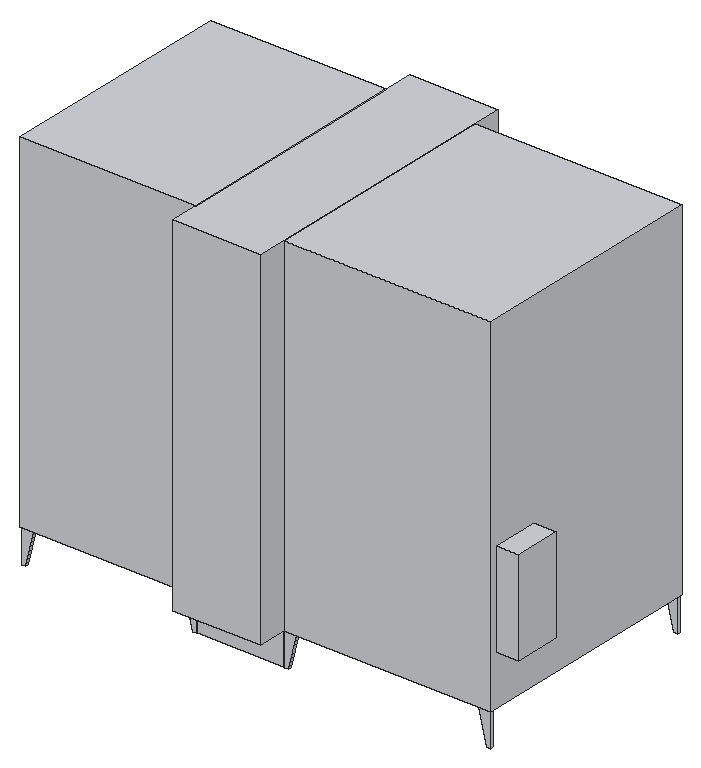
Revit family "AHU 6 _6", category Mechanické zařízení, Revit 2018
Family settings
  Kóta kulaté spojky = Použít průměr
  Typ dílu = Normální
  Číslo OmniClass = 23.75.00.00
  Nadpis OmniClass = Climate Control (HVAC)
  Založené na pracovní rovině = Ne
  Vždy vertikální = Ano
  Ořezat dutým tvarem při načtení = Ne
  Sdílené = Ne
  Bod výpočtu místnosti = Ne
Parameters (values of type "DUPLEXVENT 12000 Rotary")
  Width [instance] = 1.78 mm
  Weight [instance] = 1210.00 kg
  URL = ""
  Type [instance] = "DUPLEXVENT 12000 Rotary"
  Total_SFP [instance] = 0
  Supply_outlet_hum [instance] = 90
  Supply_inlet_hum [instance] = 90
  Supply_ext_pressure [instance] = 0.0 Pa
  Supply_SFP [instance] = 0
  Source_adu_file [instance] = ""
  Recuperation_type [instance] = "Rotation regeneration exchanger"
  Recuperation_efficiency_EN308 [instance] = 0
  Project_name [instance] = ""
  Project_date [instance] = "10.8.2023"
  Power_supply_fusing [instance] = "0"
  Power_supply_cable [instance] = "0"
  Position [instance] = "AHU 6 "
  Phases_count [instance] = 3
  Panel_thickness [instance] = 0.06 mm
  Outer_surface [instance] = "RAL 9002"
  Length [instance] = 2.83 mm
  Insulation_type [instance] = "PUR"
  Insulation_thickness [instance] = 0.05 mm
  Installation_environment [instance] = ""
  Input_power_max [instance] = 10800 W
  Inner_surface [instance] = "Pozink"
  I2 [instance] = I1  # 0.0 L/s
  Height [instance] = 2.1 mm
  Exhaust_outlet_hum [instance] = 40
  Exhaust_inlet_hum [instance] = 40
  Exhaust_ext_pressure [instance] = 0.0 Pa
  Exhaust_SFP [instance] = 0
  E1 [instance] = E2 - M1  # 0.0 L/s
  E2 [instance] = 0.0 L/s
  I1 [instance] = 0.0 L/s
  Description = ""
  M1 [instance] = 0.0 L/s
  Device_dutypoint_version [instance] = "0"
  Device_design_version [instance] = "9"
  Device_adu_id [instance] = "6"
  Current_max [instance] = 17.2 A
  Casing_mat [instance] = "painted zinc layer"
  Cable type [instance] = "CYKY 5Jx4"
Reference planes
  plane 1 "Střed (vpředu/vzadu)": y = 0
  plane 2 "ref": z = 0
  plane 3 "Střed (vlevo/vpravo)": x = 0
Forms (mm)
  Sweep 1, solid
    path origin (0, 0, 0) x (0, 0, 1) y (1, 0, 0)
      loop
        line (0, 0) -> (2100, 0)
    profile origin (0, 0, 0) x (1, 0, 0) y (0, 1, 0)
      loop
        line (0, 0) -> (1055, 0) -> (1055, 1430) -> (0, 1430) -> (0, 0)
  Sweep 2, solid
    path origin (0, 0, 0) x (0, 0, 1) y (1, 0, 0)
      loop
        line (0, 0) -> (2100, 0)
    profile origin (0, 0, 0) x (1, 0, 0) y (0, 1, 0)
      loop
        line (1055, -175) -> (1585, -175) -> (1585, 1605) -> (1055, 1605) -> (1055, -175)
  Sweep 3, solid
    path origin (0, 0, 0) x (0, 0, 1) y (1, 0, 0)
      loop
        line (0, 0) -> (2100, 0)
    profile origin (0, 0, 0) x (1, 0, 0) y (0, 1, 0)
      loop
        line (1585, 0) -> (2830, 0) -> (2830, 1430) -> (1585, 1430) -> (1585, 0)
  Sweep 4, solid
    path origin (1, 860, 1650) x (0, 1, 0) y (-1, 0, 0)
      loop
        line (0, 0) -> (0, 1)
    profile origin (1, 860, 1650) x (0, -1, 0) y (0, 0, 1)
      loop
        line (-355, -355) -> (355, -355) -> (355, 355) -> (-355, 355) -> (-355, -355)
  Sweep 5, solid
    path origin (2829, 715, 1555) x (1, 0, 0) y (0, 1, 0)
      loop
        line (0, 0) -> (1, 0)
    profile origin (2829, 715, 1555) x (0, 1, 0) y (0, 0, 1)
      loop
        line (-500, 450) -> (-500, -450) -> (500, -450) -> (500, 450) -> (-500, 450)
  Sweep 6, solid
    path origin (2829, 860, 450) x (1, 0, 0) y (0, 1, 0)
      loop
        line (0, 0) -> (1, 0)
    profile origin (2829, 860, 450) x (0, 1, 0) y (0, 0, 1)
      loop
        line (-355, 355) -> (-355, -355) -> (355, -355) -> (355, 355) -> (-355, 355)
  Sweep 7, solid
    path origin (1, 715, 545) x (0, 1, 0) y (-1, 0, 0)
      loop
        line (0, 0) -> (0, 1)
    profile origin (1, 715, 545) x (0, -1, 0) y (0, 0, 1)
      loop
        line (-500, -450) -> (500, -450) -> (500, 450) -> (-500, 450) -> (-500, -450)
  Sweep 8, solid
    path origin (17, 20, 0) x (1, 0, 0) y (0, 1, 0)
      loop
        line (0, 0) -> (0, -15)
    profile origin (17, 20, 0) x (1, 0, 0) y (0, 0, 1)
      loop
        line (-11, 0) -> (-11, -200) -> (11, -200) -> (60, 0) -> (-11, 0)
  Sweep 9, solid
    path origin (1044, 20, 0) x (1, 0, 0) y (0, 1, 0)
      loop
        line (0, 0) -> (0, -15)
    profile origin (1044, 20, 0) x (1, 0, 0) y (0, 0, 1)
      loop
        line (-60, 0) -> (-11, -200) -> (11, -200) -> (11, 0) -> (-60, 0)
  Sweep 10, solid
    path origin (17, 1425, 0) x (1, 0, 0) y (0, 1, 0)
      loop
        line (0, 0) -> (0, -15)
    profile origin (17, 1425, 0) x (1, 0, 0) y (0, 0, 1)
      loop
        line (-11, 0) -> (-11, -200) -> (11, -200) -> (60, 0) -> (-11, 0)
  Sweep 11, solid
    path origin (1044, 1425, 0) x (1, 0, 0) y (0, 1, 0)
      loop
        line (0, 0) -> (0, -15)
    profile origin (1044, 1425, 0) x (1, 0, 0) y (0, 0, 1)
      loop
        line (-60, 0) -> (-11, -200) -> (11, -200) -> (11, 0) -> (-60, 0)
  Sweep 12, solid
    path origin (1320, 66, 0) x (1, 0, 0) y (0, 1, 0)
      loop
        line (0, 0) -> (0, -58)
    profile origin (1320, 66, 0) x (1, 0, 0) y (0, 0, 1)
      loop
        line (-256, 0) -> (-256, -200) -> (256, -200) -> (256, 0) -> (-256, 0)
  Sweep 13, solid
    path origin (1320, 1423, 0) x (1, 0, 0) y (0, 1, 0)
      loop
        line (0, 0) -> (0, -58)
    profile origin (1320, 1423, 0) x (1, 0, 0) y (0, 0, 1)
      loop
        line (-256, 0) -> (-256, -200) -> (256, -200) -> (256, 0) -> (-256, 0)
  Sweep 14, solid
    path origin (1597, 20, 0) x (1, 0, 0) y (0, 1, 0)
      loop
        line (0, 0) -> (0, -15)
    profile origin (1597, 20, 0) x (1, 0, 0) y (0, 0, 1)
      loop
        line (-11, 0) -> (-11, -200) -> (11, -200) -> (60, 0) -> (-11, 0)
  Sweep 15, solid
    path origin (2813, 20, 0) x (1, 0, 0) y (0, 1, 0)
      loop
        line (0, 0) -> (0, -15)
    profile origin (2813, 20, 0) x (1, 0, 0) y (0, 0, 1)
      loop
        line (-60, 0) -> (-11, -200) -> (11, -200) -> (11, 0) -> (-60, 0)
  Sweep 16, solid
    path origin (1597, 1425, 0) x (1, 0, 0) y (0, 1, 0)
      loop
        line (0, 0) -> (0, -15)
    profile origin (1597, 1425, 0) x (1, 0, 0) y (0, 0, 1)
      loop
        line (-11, 0) -> (-11, -200) -> (11, -200) -> (60, 0) -> (-11, 0)
  Sweep 17, solid
    path origin (2813, 1425, 0) x (1, 0, 0) y (0, 1, 0)
      loop
        line (0, 0) -> (0, -15)
    profile origin (2813, 1425, 0) x (1, 0, 0) y (0, 0, 1)
      loop
        line (-60, 0) -> (-11, -200) -> (11, -200) -> (11, 0) -> (-60, 0)
  Sweep 18, solid
    path origin (0, 0, 310) x (0, 0, 1) y (1, 0, 0)
      loop
        line (0, 0) -> (570, 0)
    profile origin (0, 0, 310) x (1, 0, 0) y (0, 1, 0)
      loop
        line (2830, 35) -> (2970, 35) -> (2970, 310) -> (2830, 310) -> (2830, 35)
  Sweep 19, solid
    path origin (2900, 172, 310) x (0, -1, 0) y (0, 0, 1)
      loop
        line (0, 0) -> (0, -1)
    profile origin (2900, 172, 310) x (-1, 0, 0) y (0, -1, 0)
      loop
        circle (0, 0) r 10
Lines and regions (mm)
  model lines, style "Symbol"
    curve 1: line (1320, -175, 0) -> (1320, -175, 420)
    curve 2: line (1320, -175, 2100) -> (1320, -175, 1680)
    curve 3: line (1055, -175, 1050) -> (1585, -175, 1050)
    curve 4: line (0, 0, 1050) -> (1055, 0, 1050)
    curve 5: line (2830, 0, 1050) -> (1585, 0, 1050)
    curve 6: line (1108, -175, 105) -> (1108, -175, 1995)
    curve 7: line (1108, -175, 1995) -> (1532, -175, 1995)
    curve 8: line (1532, -175, 1995) -> (1532, -175, 105)
    curve 9: line (1532, -175, 105) -> (1108, -175, 105)
    curve 10: line (1108, -175, 1050) -> (1532, -175, 1050)
    curve 11: line (1484, -175, 854) -> (1467, -175, 672)
    curve 12: line (1467, -175, 672) -> (1440, -175, 515)
    curve 13: line (1440, -175, 515) -> (1405, -175, 395)
    curve 14: line (1405, -175, 395) -> (1364, -175, 320)
    curve 15: line (1364, -175, 320) -> (1320, -175, 294)
    curve 16: line (1320, -175, 294) -> (1276, -175, 320)
    curve 17: line (1276, -175, 320) -> (1235, -175, 395)
    curve 18: line (1235, -175, 395) -> (1200, -175, 515)
    curve 19: line (1200, -175, 515) -> (1173, -175, 672)
    curve 20: line (1173, -175, 672) -> (1156, -175, 854)
    curve 21: line (1156, -175, 854) -> (1150, -175, 1050)
    curve 22: line (1150, -175, 1050) -> (1156, -175, 1246)
    curve 23: line (1156, -175, 1246) -> (1173, -175, 1428)
    curve 24: line (1173, -175, 1428) -> (1200, -175, 1585)
    curve 25: line (1200, -175, 1585) -> (1235, -175, 1705)
    curve 26: line (1235, -175, 1705) -> (1276, -175, 1780)
    curve 27: line (1276, -175, 1780) -> (1320, -175, 1806)
    curve 28: line (1320, -175, 1806) -> (1364, -175, 1780)
    curve 29: line (1364, -175, 1780) -> (1405, -175, 1705)
    curve 30: line (1405, -175, 1705) -> (1440, -175, 1585)
    curve 31: line (1440, -175, 1585) -> (1467, -175, 1428)
    curve 32: line (1467, -175, 1428) -> (1484, -175, 1246)
    curve 33: line (1484, -175, 1246) -> (1424, -175, 1454)
    curve 34: line (1484, -175, 1246) -> (1492, -175, 1472)
    curve 35: line (2368, 0, 1725) -> (2704, 0, 1667)
    curve 36: line (2368, 0, 1425) -> (2704, 0, 1483)
    curve 37: line (462, 0, 375) -> (126, 0, 433)
    curve 38: line (462, 0, 675) -> (126, 0, 617)
    curve 39: line (340, 0, 1260) -> (340, 0, 1890)
    curve 40: line (340, 0, 1890) -> (509, 0, 1890)
    curve 41: line (509, 0, 1890) -> (509, 0, 1260)
    curve 42: line (509, 0, 1260) -> (340, 0, 1260)
    curve 43: line (424, 0, 1260) -> (509, 0, 1575)
    curve 44: line (424, 0, 1890) -> (509, 0, 1575)
    curve 45: line (2490, 0, 840) -> (2490, 0, 210)
    curve 46: line (2490, 0, 210) -> (2321, 0, 210)
    curve 47: line (2321, 0, 210) -> (2321, 0, 840)
    curve 48: line (2321, 0, 840) -> (2490, 0, 840)
    curve 49: line (2405, 0, 840) -> (2321, 0, 525)
    curve 50: line (2405, 0, 210) -> (2321, 0, 525)
    curve 51: line (0, -1975, 0) -> (0, -175, 0)
    curve 52: line (2830, -1975, 0) -> (2830, -175, 0)
    curve 53: line (0, -1975, 0) -> (2830, -1975, 0)
    curve 54: line (0, -1975, 2100) -> (0, -175, 2100)
    curve 55: line (2830, -1975, 2100) -> (2830, -175, 2100)
    curve 56: line (0, -1975, 2100) -> (2830, -1975, 2100)
    curve 57: line (0, -1975, 0) -> (0, -1975, 2100)
    curve 58: line (2830, -1975, 0) -> (2830, -1975, 2100)
    curve 59: line (0, -1975, 1900) -> (200, -1975, 2100)
    curve 60: line (0, -1975, 1700) -> (400, -1975, 2100)
    curve 61: line (0, -1975, 1500) -> (600, -1975, 2100)
    curve 62: line (0, -1975, 1300) -> (800, -1975, 2100)
    curve 63: line (0, -1975, 1100) -> (1000, -1975, 2100)
    curve 64: line (0, -1975, 900) -> (1200, -1975, 2100)
    curve 65: line (0, -1975, 700) -> (1400, -1975, 2100)
    curve 66: line (0, -1975, 500) -> (1600, -1975, 2100)
    curve 67: line (0, -1975, 300) -> (1800, -1975, 2100)
    curve 68: line (0, -1975, 100) -> (2000, -1975, 2100)
    curve 69: line (100, -1975, 0) -> (2200, -1975, 2100)
    curve 70: line (300, -1975, 0) -> (2400, -1975, 2100)
    curve 71: line (500, -1975, 0) -> (2600, -1975, 2100)
    curve 72: line (700, -1975, 0) -> (2800, -1975, 2100)
    curve 73: line (900, -1975, 0) -> (2830, -1975, 1930)
    curve 74: line (1100, -1975, 0) -> (2830, -1975, 1730)
    curve 75: line (1300, -1975, 0) -> (2830, -1975, 1530)
    curve 76: line (1500, -1975, 0) -> (2830, -1975, 1330)
    curve 77: line (1700, -1975, 0) -> (2830, -1975, 1130)
    curve 78: line (1900, -1975, 0) -> (2830, -1975, 930)
    curve 79: line (2100, -1975, 0) -> (2830, -1975, 730)
    curve 80: line (2300, -1975, 0) -> (2830, -1975, 530)
    curve 81: line (2500, -1975, 0) -> (2830, -1975, 330)
    curve 82: line (2700, -1975, 0) -> (2830, -1975, 130)
    curve 83: line (2830, -1975, 1900) -> (2830, -1775, 2100)
    curve 84: line (2830, -1975, 1700) -> (2830, -1575, 2100)
    curve 85: line (2830, -1975, 1500) -> (2830, -1375, 2100)
    curve 86: line (2830, -1975, 1300) -> (2830, -1175, 2100)
    curve 87: line (2830, -1975, 1100) -> (2830, -975, 2100)
    curve 88: line (2830, -1975, 900) -> (2830, -775, 2100)
    curve 89: line (2830, -1975, 700) -> (2830, -575, 2100)
    curve 90: line (2830, -1975, 500) -> (2830, -375, 2100)
    curve 91: line (2830, -1975, 300) -> (2830, -175, 2100)
    curve 92: line (2830, -1975, 100) -> (2830, -175, 1900)
    curve 93: line (2830, -1875, 0) -> (2830, -175, 1700)
    curve 94: line (2830, -1675, 0) -> (2830, -175, 1500)
    curve 95: line (2830, -1475, 0) -> (2830, -175, 1300)
    curve 96: line (2830, -1275, 0) -> (2830, -175, 1100)
    curve 97: line (2830, -1075, 0) -> (2830, -175, 900)
    curve 98: line (2830, -875, 0) -> (2830, -175, 700)
    curve 99: line (2830, -675, 0) -> (2830, -175, 500)
    curve 100: line (2830, -475, 0) -> (2830, -175, 300)
    curve 101: line (2830, -275, 0) -> (2830, -175, 100)
    curve 102: line (0, -1775, 2100) -> (200, -1975, 2100)
    curve 103: line (0, -1575, 2100) -> (400, -1975, 2100)
    curve 104: line (0, -1375, 2100) -> (600, -1975, 2100)
    curve 105: line (0, -1175, 2100) -> (800, -1975, 2100)
    curve 106: line (0, -975, 2100) -> (1000, -1975, 2100)
    curve 107: line (0, -775, 2100) -> (1200, -1975, 2100)
    curve 108: line (0, -575, 2100) -> (1400, -1975, 2100)
    curve 109: line (0, -375, 2100) -> (1600, -1975, 2100)
    curve 110: line (0, -175, 2100) -> (1800, -1975, 2100)
    curve 111: line (200, -175, 2100) -> (2000, -1975, 2100)
    curve 112: line (400, -175, 2100) -> (2200, -1975, 2100)
    curve 113: line (600, -175, 2100) -> (2400, -1975, 2100)
    curve 114: line (800, -175, 2100) -> (2600, -1975, 2100)
    curve 115: line (1000, -175, 2100) -> (2800, -1975, 2100)
    curve 116: line (1200, -175, 2100) -> (2830, -1805, 2100)
    curve 117: line (1400, -175, 2100) -> (2830, -1605, 2100)
    curve 118: line (1600, -175, 2100) -> (2830, -1405, 2100)
    curve 119: line (1800, -175, 2100) -> (2830, -1205, 2100)
    curve 120: line (2000, -175, 2100) -> (2830, -1005, 2100)
    curve 121: line (2200, -175, 2100) -> (2830, -805, 2100)
    curve 122: line (2400, -175, 2100) -> (2830, -605, 2100)
    curve 123: line (2600, -175, 2100) -> (2830, -405, 2100)
    curve 124: line (2800, -175, 2100) -> (2830, -205, 2100)
    curve 125: line (3570, 0, 0) -> (2830, 0, 0)
    curve 126: line (3570, 1430, 0) -> (2830, 1430, 0)
    curve 127: line (3570, 0, 0) -> (3570, 1430, 0)
    curve 128: line (3570, 0, 2100) -> (2830, 0, 2100)
    curve 129: line (3570, 1430, 2100) -> (2830, 1430, 2100)
    curve 130: line (3570, 0, 2100) -> (3570, 1430, 2100)
    curve 131: line (3570, 0, 0) -> (3570, 0, 2100)
    curve 132: line (3570, 1430, 0) -> (3570, 1430, 2100)
    curve 133: line (3570, 0, 1900) -> (3570, 200, 2100)
    curve 134: line (3570, 0, 1700) -> (3570, 400, 2100)
    curve 135: line (3570, 0, 1500) -> (3570, 600, 2100)
    curve 136: line (3570, 0, 1300) -> (3570, 800, 2100)
    curve 137: line (3570, 0, 1100) -> (3570, 1000, 2100)
    curve 138: line (3570, 0, 900) -> (3570, 1200, 2100)
    curve 139: line (3570, 0, 700) -> (3570, 1400, 2100)
    curve 140: line (3570, 0, 500) -> (3570, 1430, 1930)
    curve 141: line (3570, 0, 300) -> (3570, 1430, 1730)
    curve 142: line (3570, 0, 100) -> (3570, 1430, 1530)
    curve 143: line (3570, 100, 0) -> (3570, 1430, 1330)
    curve 144: line (3570, 300, 0) -> (3570, 1430, 1130)
    curve 145: line (3570, 500, 0) -> (3570, 1430, 930)
    curve 146: line (3570, 700, 0) -> (3570, 1430, 730)
    curve 147: line (3570, 900, 0) -> (3570, 1430, 530)
    curve 148: line (3570, 1100, 0) -> (3570, 1430, 330)
    curve 149: line (3570, 1300, 0) -> (3570, 1430, 130)
    curve 150: line (3570, 1430, 1900) -> (3370, 1430, 2100)
    curve 151: line (3570, 1430, 1700) -> (3170, 1430, 2100)
    curve 152: line (3570, 1430, 1500) -> (2970, 1430, 2100)
    curve 153: line (3570, 1430, 1300) -> (2830, 1430, 2040)
    curve 154: line (3570, 1430, 1100) -> (2830, 1430, 1840)
    curve 155: line (3570, 1430, 900) -> (2830, 1430, 1640)
    curve 156: line (3570, 1430, 700) -> (2830, 1430, 1440)
    curve 157: line (3570, 1430, 500) -> (2830, 1430, 1240)
    curve 158: line (3570, 1430, 300) -> (2830, 1430, 1040)
    curve 159: line (3570, 1430, 100) -> (2830, 1430, 840)
    curve 160: line (3470, 1430, 0) -> (2830, 1430, 640)
    curve 161: line (3270, 1430, 0) -> (2830, 1430, 440)
    curve 162: line (3070, 1430, 0) -> (2830, 1430, 240)
    curve 163: line (2870, 1430, 0) -> (2830, 1430, 40)
    curve 164: line (3370, 0, 2100) -> (3570, 200, 2100)
    curve 165: line (3170, 0, 2100) -> (3570, 400, 2100)
    curve 166: line (2970, 0, 2100) -> (3570, 600, 2100)
    curve 167: line (2830, 60, 2100) -> (3570, 800, 2100)
    curve 168: line (2830, 260, 2100) -> (3570, 1000, 2100)
    curve 169: line (2830, 460, 2100) -> (3570, 1200, 2100)
    curve 170: line (2830, 660, 2100) -> (3570, 1400, 2100)
    curve 171: line (2830, 860, 2100) -> (3400, 1430, 2100)
    curve 172: line (2830, 1060, 2100) -> (3200, 1430, 2100)
    curve 173: line (2830, 1260, 2100) -> (3000, 1430, 2100)
    curve 174: line (0, 0, 2700) -> (0, 0, 2100)
    curve 175: line (2830, 0, 2700) -> (2830, 0, 2100)
    curve 176: line (0, 0, 2700) -> (2830, 0, 2700)
    curve 177: line (0, 1430, 2700) -> (0, 1430, 2100)
    curve 178: line (2830, 1430, 2700) -> (2830, 1430, 2100)
    curve 179: line (0, 1430, 2700) -> (2830, 1430, 2700)
    curve 180: line (0, 0, 2700) -> (0, 1430, 2700)
    curve 181: line (2830, 0, 2700) -> (2830, 1430, 2700)
    curve 182: line (0, 1230, 2700) -> (200, 1430, 2700)
    curve 183: line (0, 1030, 2700) -> (400, 1430, 2700)
    curve 184: line (0, 830, 2700) -> (600, 1430, 2700)
    curve 185: line (0, 630, 2700) -> (800, 1430, 2700)
    curve 186: line (0, 430, 2700) -> (1000, 1430, 2700)
    curve 187: line (0, 230, 2700) -> (1200, 1430, 2700)
    curve 188: line (0, 30, 2700) -> (1400, 1430, 2700)
    curve 189: line (170, 0, 2700) -> (1600, 1430, 2700)
    curve 190: line (370, 0, 2700) -> (1800, 1430, 2700)
    curve 191: line (570, 0, 2700) -> (2000, 1430, 2700)
    curve 192: line (770, 0, 2700) -> (2200, 1430, 2700)
    curve 193: line (970, 0, 2700) -> (2400, 1430, 2700)
    curve 194: line (1170, 0, 2700) -> (2600, 1430, 2700)
    curve 195: line (1370, 0, 2700) -> (2800, 1430, 2700)
    curve 196: line (1570, 0, 2700) -> (2830, 1260, 2700)
    curve 197: line (1770, 0, 2700) -> (2830, 1060, 2700)
    curve 198: line (1970, 0, 2700) -> (2830, 860, 2700)
    curve 199: line (2170, 0, 2700) -> (2830, 660, 2700)
    curve 200: line (2370, 0, 2700) -> (2830, 460, 2700)
    curve 201: line (2570, 0, 2700) -> (2830, 260, 2700)
    curve 202: line (2770, 0, 2700) -> (2830, 60, 2700)
    curve 203: line (2830, 1230, 2700) -> (2830, 1430, 2500)
    curve 204: line (2830, 1030, 2700) -> (2830, 1430, 2300)
    curve 205: line (2830, 830, 2700) -> (2830, 1430, 2100)
    curve 206: line (2830, 630, 2700) -> (2830, 1230, 2100)
    curve 207: line (2830, 430, 2700) -> (2830, 1030, 2100)
    curve 208: line (2830, 230, 2700) -> (2830, 830, 2100)
    curve 209: line (2830, 30, 2700) -> (2830, 630, 2100)
    curve 210: line (2830, 0, 2530) -> (2830, 430, 2100)
    curve 211: line (2830, 0, 2330) -> (2830, 230, 2100)
    curve 212: line (2830, 0, 2130) -> (2830, 30, 2100)
    curve 213: line (0, 1430, 2500) -> (200, 1430, 2700)
    curve 214: line (0, 1430, 2300) -> (400, 1430, 2700)
    curve 215: line (0, 1430, 2100) -> (600, 1430, 2700)
    curve 216: line (200, 1430, 2100) -> (800, 1430, 2700)
    curve 217: line (400, 1430, 2100) -> (1000, 1430, 2700)
    curve 218: line (600, 1430, 2100) -> (1200, 1430, 2700)
    curve 219: line (800, 1430, 2100) -> (1400, 1430, 2700)
    curve 220: line (1000, 1430, 2100) -> (1600, 1430, 2700)
    curve 221: line (1200, 1430, 2100) -> (1800, 1430, 2700)
    curve 222: line (1400, 1430, 2100) -> (2000, 1430, 2700)
    curve 223: line (1600, 1430, 2100) -> (2200, 1430, 2700)
    curve 224: line (1800, 1430, 2100) -> (2400, 1430, 2700)
    curve 225: line (2000, 1430, 2100) -> (2600, 1430, 2700)
    curve 226: line (2200, 1430, 2100) -> (2800, 1430, 2700)
    curve 227: line (2400, 1430, 2100) -> (2830, 1430, 2530)
    curve 228: line (2600, 1430, 2100) -> (2830, 1430, 2330)
    curve 229: line (2800, 1430, 2100) -> (2830, 1430, 2130)
    curve 230: circle (2515, 0, 1575) r 210 normal (0, -1, 0)
    curve 231: circle (315, 0, 525) r 210 normal (0, -1, 0)
Dimensions and locks
  aligned and locked: level to plane 2 "ref"
Connectors
  hvac at (0, 860, 1650), driven by "E1"
    settings: on Sweep 4, index 1, duct flow 0.0 L/s, flow factor 0, pres drop 0.0 Pa, loss coef 0, conn angle 0.00°, conn width 710 mm, conn height 710 mm, conn diameter 609.6 mm, duct sys type 1, conn prof type 1, flow config 1, flow direction 1, loss method 0, conn ref index -1, conn util no, is conn primary yes, conn desc ""
  hvac at (2830, 715, 1555), driven by "E2"
    settings: on Sweep 5, index 2, duct flow 0.0 L/s, flow factor 1, pres drop 0.0 Pa, loss coef 0, conn angle 0.00°, conn width 1000 mm, conn height 900 mm, conn diameter 609.6 mm, duct sys type 1, conn prof type 1, flow config 2, flow direction 2, loss method 0, conn ref index -1, conn util no, is conn primary no, conn desc ""
  hvac at (2830, 860, 450), driven by "I1"
    settings: on Sweep 6, index 3, duct flow 0.0 L/s, flow factor 1, pres drop 0.0 Pa, loss coef 0, conn angle 0.00°, conn width 710 mm, conn height 710 mm, conn diameter 609.6 mm, duct sys type 3, conn prof type 1, flow config 2, flow direction 1, loss method 0, conn ref index -1, conn util no, is conn primary no, conn desc ""
  hvac at (0, 715, 545), driven by "I2"
    settings: on Sweep 7, index 4, duct flow 0.0 L/s, flow factor 0, pres drop 0.0 Pa, loss coef 0, conn angle 0.00°, conn width 1000 mm, conn height 900 mm, conn diameter 609.6 mm, duct sys type 3, conn prof type 1, flow config 1, flow direction 2, loss method 0, conn ref index -1, conn util no, is conn primary no, conn desc ""
  electrical at (2900, 172, 309)
    settings: on Sweep 19, index 5, voltage 400 V, apparent load 0 VA, apparent load phase1 0 VA, apparent load phase2 0 VA, apparent load phase3 0 VA, power factor 1, load classification "Další", number of poles 3, system type 31, power factor state 1, is connector primary yes, connector utility no, sub classification motor no, connector description ""
